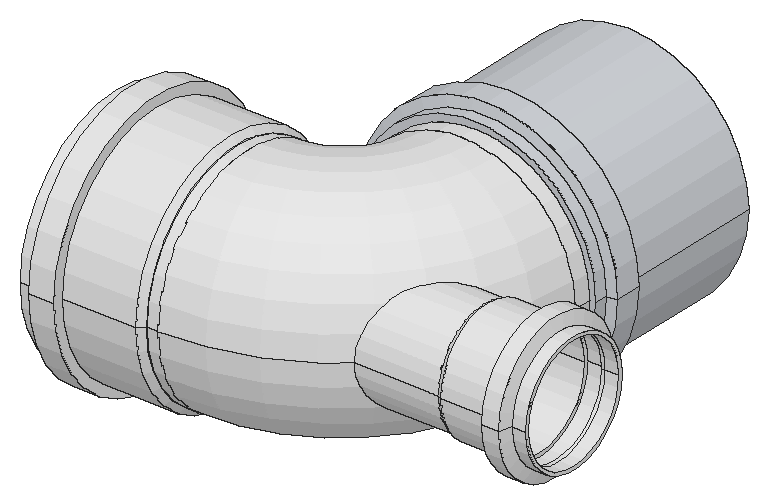
Revit family "Joelho_90_Visita", category Pipe Fittings, Revit 2025
Family settings
  Round Connector Dimension = Use Radius
  Part Type = Elbow
  Work Plane-Based = No
  Always vertical = Yes
  Cut with Voids When Loaded = No
  Shared = No
Parameters (values of type "Standard")
  Ângulo 2 [instance] = if(Inverter Sentido da Luva, 0.00°, Ângulo 1)  # 90.00°
  Ângulo 1 [instance] = 90.00°
  built-in parameter 1114242 [instance] = (empty or 0)
  URL = "http://www.tigre.com.br"
  Type Comments = ""
  Tigre: Sistema = "Esgoto"  # constant formula
  Tigre: Norma = ""
  Tigre: Material = "PVC Branco"  # constant formula
  Tigre: Marcador [instance] = "00"
  Tigre: Link do Produto = "http://www.tigre.com.br/pt/produtos_unico.php?rcr_id=4&cpr_id=10&cpr_id_pai=4&lnh_id=9&prd_id=707"
  Tigre: Linha = "Série Normal"  # constant formula
  Tigre: Fabricante = "© Tigre S/A"  # constant formula
  Tigre: Descrição [instance] = if(and(Diâmetro Nominal 1 = 100.00 mm, Diâmetro Nominal 2 = 50.00 mm, Ângulo 1 > 85.00°, Ângulo 1 < 95.00°), "Joelho 90º com Visita 100x50mm, Esgoto Série Normal - TIGRE", "Produto Inexistente")  # "Joelho 90º com Visita 100x50mm, Esgoto Série Normal - TIGRE"
  Tigre: Código com Separador [instance] = if(and(Diâmetro Nominal 1 = 100.00 mm, Diâmetro Nominal 2 = 50.00 mm, Ângulo 1 > 85.00°, Ângulo 1 < 95.00°), "26.25.746.8", "Produto ou Código Inexistente")  # "26.25.746.8"
  Tigre: Código [instance] = if(and(Diâmetro Nominal 1 = 100.00 mm, Diâmetro Nominal 2 = 50.00 mm, Ângulo 1 > 85.00°, Ângulo 1 < 95.00°), 26257468, 0)  # 26257468
  Tigre: Comentários [instance] = ""
  Representação Unifilar 2 [instance] = Diâmetro Nominal 2 * 0.2  # 10 mm
  Representação Unifilar 1 [instance] = Diâmetro Nominal 1 * 0.2  # 20 mm
  Raio da Bolsa [instance] = size_lookup(Lookup Table Name, "RaioB", 0.5515 * Diâmetro Nominal 1 + 2.63 mm, Diâmetro Nominal 1)  # 57.3 mm
  Raio Nominal 2 [instance] = 25.00 mm  # 25 mm
  Raio Nominal 1 [instance] = 50 mm
  Raio Externo 3 [instance] = Diâmetro Externo 3 / 2  # 50 mm
  Raio Externo 2 [instance] = Diâmetro Externo 2 / 2  # 52.85 mm
  Raio Externo 1 [instance] = Diâmetro Externo 1 / 2  # 50 mm
  Raio Central [instance] = size_lookup(Lookup Table Name, "RCen", 0.51 * Diâmetro Nominal 1 + 3.15 mm, Diâmetro Nominal 1)  # 52 mm
  Model = ""
  Manufacturer = Tigre: Fabricante  # "© Tigre S/A"
  Luva Esquerda [instance] = and(and(not(Ligação em Conexão), Bolsa Esquerda), not(Diâmetro Nominal 1 = 40.00 mm))  # yes
  Luva Direita [instance] = and(and(not(Ligação em Conexão), Bolsa Direita), not(Diâmetro Nominal 1 = 40.00 mm))  # no
  Loss Method = Not Defined
  Lookup Table Name = "Joelho 90 com Visita - Serie Normal - Esgoto - MEP - Tigre"
  Ligação em Conexão [instance] = no
  K Coefficient Table = "Long Radius Elbow"
  Inverter Sentido da Luva [instance] = no
  Diâmetro Nominal 2 [instance] = Raio Nominal 2 * 2  # 50 mm
  Description = "Joelho 90º com Visita, Esgoto Série Normal - TIGRE"
  Default Elevation = 0.00 mm
  Ajuste Conector Direita [instance] = if(and(Bolsa Esquerda, Ligação em Conexão), Cota B, Cota B2 + Cota B3)  # 7.5 mm
  Ajuste Conector Esquerda [instance] = if(and(Bolsa Direita, Ligação em Conexão), Cota B, Cota B2 + Cota B3)  # 7.5 mm
  Bolsa Esquerda [instance] = or(not(Bolsa Direita), Diâmetro Nominal 1 = 40.00 mm)  # yes
  Bolsa Direita [instance] = or(Inverter Sentido da Luva, Diâmetro Nominal 1 = 40.00 mm)  # no
  Anel Direito [instance] = or(and(Bolsa Direita, Diâmetro Nominal 1 > 40.00 mm))  # no
  Acabamento [instance] = none
  Diâmetro Nominal 1 [instance] = Raio Nominal 1 * 2  # 100 mm
  Diâmetro Externo 3 [instance] = size_lookup(Lookup Table Name, "DE3", 0.9915 * Diâmetro Nominal 1 + 1.30 mm, Diâmetro Nominal 1)  # 100 mm
  Diâmetro Externo 2 [instance] = size_lookup(Lookup Table Name, "DE2", 1.03 * Diâmetro Nominal 1 + 2.16 mm, Diâmetro Nominal 1)  # 105.7 mm
  Diâmetro Externo 1 [instance] = size_lookup(Lookup Table Name, "DE1", Diâmetro Nominal 1, Diâmetro Nominal 1)  # 100 mm
  Cota C3 [instance] = size_lookup(Lookup Table Name, "CotC3", 0.0086 * Diâmetro Nominal 1 + 0.74 mm, Diâmetro Nominal 1)  # 1.5 mm
  Cota C2 [instance] = size_lookup(Lookup Table Name, "CotC2", 0.0897 * Diâmetro Nominal 1 + 2.72 mm, Diâmetro Nominal 1)  # 11 mm
  Cota C1 [instance] = size_lookup(Lookup Table Name, "CotC1", 0.119 * Diâmetro Nominal 1 + 6.64 mm, Diâmetro Nominal 1)  # 18 mm
  Cota B3 [instance] = size_lookup(Lookup Table Name, "CotB3", 0.0118 * Diâmetro Nominal 1 + 2.08 mm, Diâmetro Nominal 1)  # 2.5 mm
  Cota B2 [instance] = if(and(Ângulo 1 > 85.00°, Ângulo 1 < 95.00°, Diâmetro Nominal 1 = 1.00 mm), size_lookup(Lookup Table Name, "CotB2", 0.126 * Diâmetro Nominal 1 + 34.61 mm, Diâmetro Nominal 1), 0.05 * Diâmetro Nominal 1)  # 5 mm
  Cota B1 [instance] = size_lookup(Lookup Table Name, "CotB1", 0.2371 * Diâmetro Nominal 1 + 27.62 mm, Diâmetro Nominal 1)  # 50.7 mm
  Cota B [instance] = Cota B1 + Cota B2 + Cota B3  # 58.2 mm
  Centro a Face Externa [instance] = Raio Central * tan(Ângulo 1 / 2)  # 52 mm
  Anel Esquerdo [instance] = or(and(Bolsa Esquerda, Diâmetro Nominal 1 > 40.00 mm))  # yes
Reference planes
  plane 1 "Center (Front/Back)": y = 0
  plane 2: z = 0
  plane 3 "Center (Left/Right)": x = 0
  plane 4: y = 52
  plane 5: x = -52
Forms (mm)
  Sweep 1, solid, material "PVC", visible <- "Bolsa Esquerda", detail levels fine
    path in 3D
      loop
        line (-52, 0, 0) -> (-57, 0, 0)
    profile origin (-54.5, 0, 0) x (0, -1, 0) y (0, 0, 1)
      loop
        circle (0, 0) r 50
  SweptBlend 2, solid, material "PVC", visible <- "Bolsa Esquerda", detail levels fine
    path in 3D
      loop
        line (-57, 0, 0) -> (-59.5, 0, 0)
    profile origin (-57, 0, 0) x (0, -1, 0) y (0, 0, 1)
      loop
        circle (0, 0) r 50
    end profile origin (-59.5, 0, 0) x (0, -1, 0) y (0, 0, 1)
      loop
        circle (0, 0) r 52.85
  Sweep 3, solid, material "PVC", visible <- "Bolsa Direita", detail levels fine
    path in 3D
      loop
        line (0, 52, 0) -> (0, 57, 0)
    profile origin (0, 54.5, 0) x (-1, 0, 0) y (0, 0, 1)
      loop
        circle (0, 0) r 50
  SweptBlend 4, solid, material "PVC", visible <- "Bolsa Direita", detail levels fine
    path in 3D
      loop
        line (0, 57, 0) -> (0, 59.5, 0)
    profile origin (0, 57, 0) x (-1, 0, 0) y (0, 0, 1)
      loop
        circle (0, 0) r 50
    end profile origin (0, 59.5, 0) x (-1, 0, 0) y (0, 0, 1)
      loop
        circle (0, 0) r 52.85
  Sweep 5, solid, material "PVC", visible <- "Anel Direito", detail levels fine
    path in 3D
      loop
        line (0, 92, 0) -> (0, 103, 0)
    profile origin (0, 97.5, 0) x (-1, 0, 0) y (0, 0, 1)
      loop
        circle (0, 0) r 57.3
      loop
        circle (0, 0) r 52.85
  SweptBlend 6, solid, material "PVC", visible <- "Anel Direito", detail levels fine
    path in 3D
      loop
        line (0, 103, 0) -> (0, 104.5, 0)
    profile origin (0, 103, 0) x (-1, 0, 0) y (0, 0, 1)
      loop
        circle (0, 0) r 57.3
    end profile origin (0, 104.5, 0) x (-1, 0, 0) y (0, 0, 1)
      loop
        circle (0, 0) r 52.85
  Sweep 7, solid, material "PVC", visible <- "Bolsa Direita", detail levels fine
    path origin (0, 0, 0) x (1, 0, 0) y (0, 1, 0)
      loop
        line (0, 59.5) -> (0, 110.2)
    profile origin (0, 84.85, 0) x (-1, 0, 0) y (0, 0, 1)
      loop
        circle (0, 0) r 52.85
      loop
        circle (0, 0) r 50
  Sweep 8, solid, material "PVC", visible <- "Anel Esquerdo", detail levels fine
    path in 3D
      loop
        line (-92, 0, 0) -> (-103, 0, 0)
    profile origin (-97.5, 0, 0) x (0, -1, 0) y (0, 0, 1)
      loop
        circle (0, 0) r 57.3
      loop
        circle (0, 0) r 52.85
  SweptBlend 9, solid, material "PVC", visible <- "Anel Esquerdo", detail levels fine
    path in 3D
      loop
        line (-103, 0, 0) -> (-104.5, 0, 0)
    profile origin (-103, 0, 0) x (0, -1, 0) y (0, 0, 1)
      loop
        circle (0, 0) r 57.3
    end profile origin (-104.5, 0, 0) x (0, -1, 0) y (0, 0, 1)
      loop
        circle (0, 0) r 52.85
  Sweep 10, solid, material "PVC", visible <- "Bolsa Esquerda", detail levels fine
    path origin (0, 0, 0) x (1, 0, 0) y (0, 1, 0)
      loop
        line (-59.5, 0) -> (-110.2, 0)
    profile origin (-84.85, 0, 0) x (0, -1, 0) y (0, 0, 1)
      loop
        circle (0, 0) r 52.85
      loop
        circle (0, 0) r 50
  Sweep 11, void
    path in 3D
      loop
        line (-103, 0, 0) -> (-104.5, 0, 0)
    profile origin (-103.75, 0, 0) x (0, -1, 0) y (0, 0, 1)
      loop
        circle (0, 0) r 52.85
  Sweep 12, void
    path in 3D
      loop
        line (0, 103, 0) -> (0, 104.5, 0)
    profile origin (0, 103.75, 0) x (-1, 0, 0) y (0, 0, 1)
      loop
        circle (0, 0) r 52.85
  Sweep 13, solid, material "PVC", visible <- "Bolsa Direita", detail levels fine
    path origin (0, 0, 0) x (1, 0, 0) y (0, 1, 0)
      loop
        line (-59.5, 0) -> (-52, 0)
    profile origin (-55.75, 0, 0) x (0, 1, 0) y (0, 0, 1)
      loop
        circle (0, 0) r 50
  Sweep 14, solid, material "PVC", visible <- "Bolsa Direita", detail levels fine
    path in 3D
      loop
        arc (-52, 0, 0) -> (-15.23, 15.23, 0) -> (0, 52, 0) r 52
    profile origin (-15.23, 15.23, 0) x (-0.707107, 0.707107, 0) y (0, 0, 1)
      loop
        circle (0, 0) r 50
  Sweep 15, solid, material "PVC", visible <- "Bolsa Esquerda", detail levels fine
    path origin (0, 0, 0) x (1, 0, 0) y (0, 1, 0)
      loop
        line (0, 52) -> (0, 59.5)
    profile origin (0, 55.75, 0) x (-1, 0, 0) y (0, 0, 1)
      loop
        circle (0, 0) r 50
  Sweep 16, solid, material "PVC", visible <- "Bolsa Esquerda", detail levels fine
    path in 3D
      loop
        arc (-52, 0, 0) -> (-15.23, 15.23, 0) -> (0, 52, 0) r 52
    profile origin (-15.23, 15.23, 0) x (-0.707107, 0.707107, 0) y (0, 0, 1)
      loop
        circle (0, 0) r 50
  Sweep 17, solid, material "PVC", detail levels fine
    path in 3D
      loop
        line (0, 0, 0) -> (51.003, 0, 0)
    profile origin (25.501, 0, 0) x (0, 1, 0) y (0, 0, 1)
      loop
        circle (0, 0) r 25
  SweptBlend 18, solid, material "PVC", detail levels fine
    path in 3D
      loop
        line (51.003, 0, 0) -> (53.308, 0, 0)
    profile origin (51.003, 0, 0) x (0, 1, 0) y (0, 0, 1)
      loop
        circle (0, 0) r 25
    end profile origin (53.308, 0, 0) x (0, 1, 0) y (0, 0, 1)
      loop
        circle (0, 0) r 26.3
  Sweep 19, solid, material "PVC", detail levels fine
    path in 3D
      loop
        line (53.308, 0, 0) -> (75.7, 0, 0)
    profile origin (64.504, 0, 0) x (0, 1, 0) y (0, 0, 1)
      loop
        circle (0, 0) r 26.3
      loop
        circle (0, 0) r 25
  Sweep 20, solid, material "PVC", detail levels fine
    path in 3D
      loop
        line (84.569, 0, 0) -> (90.7, 0, 0)
    profile origin (87.635, 0, 0) x (0, 1, 0) y (0, 0, 1)
      loop
        circle (0, 0) r 26.3
      loop
        circle (0, 0) r 25
  Sweep 21, solid, material "PVC", detail levels fine
    path in 3D
      loop
        line (75.7, 0, 0) -> (83.084, 0, 0)
    profile origin (79.392, 0, 0) x (0, 1, 0) y (0, 0, 1)
      loop
        circle (0, 0) r 26.3
      loop
        circle (0, 0) r 31.78
  SweptBlend 22, solid, material "PVC", detail levels fine
    path in 3D
      loop
        line (83.084, 0, 0) -> (84.569, 0, 0)
    profile origin (83.084, 0, 0) x (0, 1, 0) y (0, 0, 1)
      loop
        circle (0, 0) r 31.78
    end profile origin (84.569, 0, 0) x (0, 1, 0) y (0, 0, 1)
      loop
        circle (0, 0) r 26.3
  Sweep 23, void
    path in 3D
      loop
        line (83.084, 0, 0) -> (84.569, 0, 0)
    profile origin (83.827, 0, 0) x (0, 1, 0) y (0, 0, 1)
      loop
        circle (0, 0) r 25
Cuts and joins
  Sweep 11, Sweep 12 cuts Sweep 5
  Sweep 11, Sweep 12 cuts SweptBlend 6
  joined: Sweep 5, SweptBlend 6
  Sweep 11 cuts SweptBlend 2
  joined: SweptBlend 2, Sweep 10
  Sweep 12 cuts SweptBlend 4
  joined: SweptBlend 4, Sweep 7
  joined: Sweep 3, Sweep 13, Sweep 14
  Sweep 11, Sweep 12 cuts Sweep 8
  Sweep 11, Sweep 12 cuts SweptBlend 9
  joined: Sweep 8, SweptBlend 9
  joined: Sweep 1, Sweep 15, Sweep 16
  Sweep 23 cuts Sweep 17
  Sweep 23 cuts SweptBlend 18
  Sweep 23 cuts Sweep 19
  Sweep 23 cuts Sweep 20
  Sweep 23 cuts Sweep 21
  Sweep 23 cuts SweptBlend 22
  joined: Sweep 17, SweptBlend 18, Sweep 19, Sweep 20, Sweep 21, SweptBlend 22
Lines and regions (mm)
  reference lines
    curve 1: line (-52, 52, 0) -> (248, 52, 0)
  model lines, not visible, detail levels coarse+medium
    curve 2: arc (-52, 0, 0) -> (-15.23, 15.23, 0) -> (0, 52, 0) r 52
  model lines, detail levels coarse+medium
    curve 3: line (-52, 0, 0) -> (-57, 0, 0)
    curve 4: line (-57, 0, 0) -> (-59.5, 0, 0)
    curve 5: line (-59.5, 0, 0) -> (-92, 0, 0)
    curve 6: line (-92, 0, 0) -> (-103, 0, 0)
    curve 7: line (-103, 0, 0) -> (-104.5, 0, 0)
    curve 8: line (-104.5, 0, 0) -> (-110.2, 0, 0)
    curve 11: line (-59.5, 0, 0) -> (-59.5, 20, 0)
    curve 12: line (-59.5, 0, 0) -> (-59.5, -20, 0)
    curve 13: line (0, 52, 0) -> (0, 57, 0)
    curve 15: line (0, 57, 0) -> (0, 59.5, 0)
    curve 17: line (0, 59.5, 0) -> (0, 92, 0)
    curve 18: line (0, 92, 0) -> (0, 103, 0)
    curve 20: line (0, 103, 0) -> (0, 104.5, 0)
    curve 22: line (0, 104.5, 0) -> (0, 110.2, 0)
    curve 23: line (0, 59.5, 0) -> (-20, 59.5, 0)
    curve 24: line (0, 59.5, 0) -> (20, 59.5, 0)
    curve 32: line (0, 0, 0) -> (51.003, 0, 0)
    curve 33: line (51.003, 0, 0) -> (53.308, 0, 0)
    curve 34: line (53.308, 0, 0) -> (75.7, 0, 0)
    curve 35: line (75.7, 0, 0) -> (83.084, 0, 0)
    curve 36: line (83.084, 0, 0) -> (84.569, 0, 0)
    curve 37: line (84.569, 0, 0) -> (90.7, 0, 0)
    curve 45: line (53.308, 0, 0) -> (53.308, -10, 0)
    curve 46: line (53.308, 0, 0) -> (53.308, 10, 0)
    curve 47: line (0, 0, 0) -> (0, 52, 0)
    curve 48: line (0, 0, 0) -> (-52, 0, 0)
  sketch lines
    curve 9: line (-52, 0, 0) -> (-57, 0, 0)
    curve 10: line (-57, 0, 0) -> (-59.5, 0, 0)
    curve 14: line (0, 52, 0) -> (0, 57, 0)
    curve 16: line (0, 57, 0) -> (0, 59.5, 0)
    curve 19: line (0, 92, 0) -> (0, 103, 0)
    curve 21: line (0, 103, 0) -> (0, 104.5, 0)
    curve 25: line (-92, 0, 0) -> (-103, 0, 0)
    curve 26: line (-103, 0, 0) -> (-104.5, 0, 0)
    curve 27: line (-103, 0, 0) -> (-104.5, 0, 0)
    curve 28: line (0, 103, 0) -> (0, 104.5, 0)
    curve 29: arc (-52, 0, 0) -> (-15.23, 15.23, 0) -> (0, 52, 0) r 52
    curve 30: arc (-52, 0, 0) -> (-15.23, 15.23, 0) -> (0, 52, 0) r 52
    curve 38: line (0, 0, 0) -> (51.003, 0, 0)
    curve 39: line (51.003, 0, 0) -> (53.308, 0, 0)
    curve 40: line (53.308, 0, 0) -> (75.7, 0, 0)
    curve 41: line (84.569, 0, 0) -> (90.7, 0, 0)
    curve 42: line (75.7, 0, 0) -> (83.084, 0, 0)
    curve 43: line (83.084, 0, 0) -> (84.569, 0, 0)
    curve 44: line (83.084, 0, 0) -> (84.569, 0, 0)
  reference lines, not visible
    curve 31: line (0, 0, 0) -> (0, 310, 0)
Dimensions and locks
  "Centro a Face Externa": plane 5 to plane 3 "Center (Left/Right)"
  "Raio Central": plane 4 to plane 1 "Center (Front/Back)"
  "Cota B2": curve 4 to plane 5
  "Cota B3": curve 5 to curve 4
  curve 6 to curve 5 = 32.50 mm
  "Cota C2": curve 7 to curve 6
  "Cota C3": curve 8 to curve 6
  curve 8 to curve 7 = 5.70 mm
  "Cota B": curve 8 to plane 5
  "Cota B2": curve 1 to curve 13
  "Cota B3": curve 15 to curve 15
  curve 17 to curve 17 = 32.50 mm
  "Cota C2": curve 18 to curve 18
  "Cota C3": curve 20 to curve 20
  curve 22 to curve 22 = 5.70 mm
  "Cota B": curve 1 to curve 22
  equal spacing: curve 24, curve 13, curve 23
  "Representação Unifilar 1": curve 24 to curve 13
  "Cota B1": Sweep 7 sketch curve to Sweep 7 sketch curve
  "Cota B1": Sweep 10 sketch curve to Sweep 10 sketch curve
  "Ajuste Conector Esquerda": Sweep 13 sketch curve to plane 5
  "Ajuste Conector Direita": curve 1 to Sweep 15 sketch curve
  "Ajuste Conector Direita": nested 1 to curve 1
  equal spacing: curve 12, plane 1 "Center (Front/Back)", curve 11
  "Representação Unifilar 1": plane 1 "Center (Front/Back)" to curve 11
  curve 33 to curve 32 = 51.003 mm
  curve 34 to curve 33 = 2.305 mm
  curve 35 to curve 34 = 22.392 mm
  curve 36 to curve 35 = 7.384 mm
  curve 37 to curve 36 = 1.485 mm
  curve 37 to curve 37 = 6.131 mm
  equal spacing: curve 45, curve 32, curve 46
  "Representação Unifilar 2": curve 32 to curve 46
  "Raio Externo 1": radius of Sweep 1 sketch curve
  "Raio Externo 1": radius of SweptBlend 2 sketch curve
  "Raio Externo 2": radius of SweptBlend 2 sketch curve
  "Raio Central": radius of curve 2
  "Raio Externo 1": radius of Sweep 3 sketch curve
  "Raio Externo 1": radius of SweptBlend 4 sketch curve
  "Raio Externo 2": radius of SweptBlend 4 sketch curve
  "Raio da Bolsa": radius of Sweep 5 sketch curve
  "Raio da Bolsa": radius of SweptBlend 6 sketch curve
  "Raio Externo 2": radius of SweptBlend 6 sketch curve
  "Raio Externo 2": radius of Sweep 7 sketch curve
  "Raio da Bolsa": radius of Sweep 8 sketch curve
  "Raio da Bolsa": radius of SweptBlend 9 sketch curve
  "Raio Externo 2": radius of SweptBlend 9 sketch curve
  "Raio Externo 2": radius of Sweep 10 sketch curve
  "Raio Externo 2": radius of Sweep 8 sketch curve
  "Raio Nominal 1": radius of Sweep 10 sketch curve
  "Raio Externo 2": radius of Sweep 11 sketch curve
  "Raio Nominal 1": radius of Sweep 7 sketch curve
  "Raio Externo 2": radius of Sweep 5 sketch curve
  "Raio Externo 2": radius of Sweep 12 sketch curve
  "Raio Externo 1": radius of Sweep 13 sketch curve
  "Raio Externo 1": radius of Sweep 14 sketch curve
  "Raio Externo 1": radius of Sweep 15 sketch curve
  "Raio Externo 1": radius of Sweep 16 sketch curve
  "Raio Nominal 2": radius of Sweep 19 sketch curve
  "Raio Nominal 2": radius of Sweep 20 sketch curve
  "Raio Nominal 2": radius of Sweep 23 sketch curve
  radius of Sweep 21 sketch curve = 31.78 mm
  radius of Sweep 17 sketch curve = 25.00 mm
  radius of Sweep 19 sketch curve = 26.30 mm  (x2)
  "Ângulo 1": angle plane 5 to curve 1
  locked: curve 1 to curve 13 (angle 90.00°)
  locked: curve 1 to curve 15 (angle 90.00°)
  locked: curve 1 to curve 17 (angle 90.00°)
  locked: curve 1 to curve 18 (angle 90.00°)
  locked: curve 1 to curve 20 (angle 90.00°)
  locked: curve 1 to curve 22 (angle 90.00°)
  locked: curve 23 to curve 13 (angle 90.00°)
  locked: curve 24 to curve 13 (angle 90.00°)
  locked: curve 1 to Sweep 7 sketch curve (angle 90.00°)
  locked: curve 1 to Sweep 15 sketch curve (angle 90.00°)
  "Ângulo 1": angle plane 1 "Center (Front/Back)" to curve 31
  "Ângulo 1": angle plane 1 "Center (Front/Back)" to nested 1
  "Ângulo 2": angle plane 3 "Center (Left/Right)" to curve 32
  "Ângulo 2": angle plane 3 "Center (Left/Right)" to curve 33
  "Ângulo 2": angle plane 3 "Center (Left/Right)" to curve 34
  "Ângulo 2": angle plane 3 "Center (Left/Right)" to curve 35
  "Ângulo 2": angle plane 3 "Center (Left/Right)" to curve 36
  "Ângulo 2": angle plane 3 "Center (Left/Right)" to curve 37
  locked: curve 45 to curve 32 (angle 90.00°)
  locked: curve 46 to curve 32 (angle 90.00°)
  aligned and locked: plane 4 to curve 1
  aligned and locked: plane 5 to curve 1
  aligned and locked: curve 1 to curve 2
  aligned and locked: plane 1 "Center (Front/Back)" to curve 2
  aligned and locked: curve 12 to curve 11
  aligned and locked: Sweep 7 sketch curve to curve 23
  aligned and locked: curve 13 to Sweep 7 sketch curve
  aligned and locked: Sweep 10 sketch curve to curve 11
  aligned and locked: plane 5 to Sweep 13 sketch curve
  aligned and locked: plane 1 "Center (Front/Back)" to Sweep 13 sketch curve
  aligned and locked: curve 1 to Sweep 15 sketch curve
  aligned and locked: Sweep 15 sketch curve to curve 13
  aligned and locked: curve 31 to nested 1
  aligned and locked: nested 2 to cut or joined group of Sweep 3, Sweep 13, Sweep 14
  aligned and locked: SweptBlend 18 sketch curve to Sweep 17  (x2)
  aligned and locked: Sweep 19 sketch curve to SweptBlend 18  (x2)
  aligned and locked: Sweep 20 sketch curve to Sweep 19  (x2)
  aligned and locked: Sweep 21 sketch curve to Sweep 19  (x2)
  aligned and locked: SweptBlend 22 sketch curve to Sweep 21  (x2)
  aligned and locked: SweptBlend 22 sketch curve to Sweep 20  (x2)
  aligned and locked: plane 3 "Center (Left/Right)" to curve 47
  aligned and locked: curve 48 to plane 1 "Center (Front/Back)"
  aligned and locked: plane 5 to curve 2
Automatic sketch dimensions
  Sweep 1 sketch curve to profile plane = 0.00 mm  (x2)
  SweptBlend 2 sketch curve to profile plane = 0.00 mm  (x4)
  Sweep 3 sketch curve to profile plane = 0.00 mm
  profile plane to Sweep 3 sketch curve = 0.00 mm
  SweptBlend 4 sketch curve to profile plane = 0.00 mm  (x2)
  profile plane to SweptBlend 4 sketch curve = 0.00 mm  (x2)
  SweptBlend 6 sketch curve to profile plane = 0.00 mm  (x2)
  profile plane to SweptBlend 6 sketch curve = 0.00 mm  (x2)
  SweptBlend 9 sketch curve to profile plane = 0.00 mm  (x4)
  plane 1 "Center (Front/Back)" to Sweep 10 sketch curve = 0.00 mm
  Sweep 8 sketch curve to Sweep 8 sketch curve = 0.00 mm  (x2)
  Sweep 8 sketch curve to profile plane = 0.00 mm  (x2)
  Sweep 10 sketch curve to Sweep 10 sketch curve = 0.00 mm  (x2)
  Sweep 10 sketch curve to level = 0.00 mm
  Sweep 10 sketch curve to profile plane = 0.00 mm
  Sweep 11 sketch curve to profile plane = 0.00 mm  (x2)
  Sweep 7 sketch curve to Sweep 7 sketch curve = 0.00 mm  (x2)
  Sweep 7 sketch curve to level = 0.00 mm
  Sweep 7 sketch curve to profile plane = 0.00 mm
  Sweep 5 sketch curve to Sweep 5 sketch curve = 0.00 mm  (x2)
  Sweep 5 sketch curve to profile plane = 0.00 mm  (x2)
  Sweep 12 sketch curve to profile plane = 0.00 mm  (x2)
  Sweep 13 sketch curve to level = 0.00 mm
  Sweep 13 sketch curve to profile plane = 0.00 mm
  Sweep 14 sketch curve to profile plane = 0.00 mm
  profile plane to Sweep 14 sketch curve = 0.00 mm
  level to Sweep 15 sketch curve = 0.00 mm
  Sweep 15 sketch curve to profile plane = 0.00 mm
  Sweep 16 sketch curve to profile plane = 0.00 mm
  profile plane to Sweep 16 sketch curve = 0.00 mm
  plane 1 "Center (Front/Back)" to curve 31 = 0.00 mm
  curve 31 to plane 3 "Center (Left/Right)" = 0.00 mm
  Sweep 17 sketch curve to profile plane = 0.00 mm  (x2)
  SweptBlend 18 sketch curve to profile plane = 0.00 mm  (x2)
  Sweep 19 sketch curve to Sweep 19 sketch curve = 0.00 mm  (x2)
  Sweep 20 sketch curve to Sweep 20 sketch curve = 0.00 mm  (x2)
  Sweep 21 sketch curve to Sweep 21 sketch curve = 0.00 mm  (x2)
  Sweep 23 sketch curve to profile plane = 0.00 mm  (x2)
  radius of SweptBlend 18 sketch curve = 26.30 mm
Nested families
  nested 1: "Luva Simples para Conexão - Serie Normal - Esgoto - MEP - Tigre" at (0, 59.5, 0) x (0, 1, 0) z (0, 0, 1), Raio Nominal <- "Raio Nominal 1", Tigre: Marcador <- "Tigre: Marcador", Acabamento <- "Acabamento", visible <- "Luva Esquerda", type "Standard"
    with Tigre: Marcador "00", Tigre: Descrição "Luva Simples 100mm, Esgoto Série Normal - TIGRE", Tigre: Código com Separador "26.30.100.9", Tigre: Código 26301009, Tigre: Comentários "", Representação Unifilar 20 mm, Raio Nominal 50 mm, Raio Bolsa 3 53.05 mm, Raio Bolsa 2 57.45 mm, Raio Bolsa 1 53.05 mm, Furo 50 mm, Diâmetro Nominal 100 mm, Detalhe no, Cota L4 5.37 mm, Cota L3 1.2 mm, Cota L2 11.2 mm, Cota L1 65.75 mm, Acabamento none
  nested 2: "Luva Simples para Conexão - Serie Normal - Esgoto - MEP - Tigre" at (-59.5, 0, 0) x (-1, 0, 0) z (0, 0, 1), Raio Nominal <- "Raio Nominal 1", Tigre: Marcador <- "Tigre: Marcador", Acabamento <- "Acabamento", visible <- "Luva Direita", type "Standard"
    with Tigre: Marcador "00", Tigre: Descrição "Luva Simples 100mm, Esgoto Série Normal - TIGRE", Tigre: Código com Separador "26.30.100.9", Tigre: Código 26301009, Tigre: Comentários "", Representação Unifilar 20 mm, Raio Nominal 50 mm, Raio Bolsa 3 53.05 mm, Raio Bolsa 2 57.45 mm, Raio Bolsa 1 53.05 mm, Furo 50 mm, Diâmetro Nominal 100 mm, Detalhe no, Cota L4 5.37 mm, Cota L3 1.2 mm, Cota L2 11.2 mm, Cota L1 65.75 mm, Acabamento none
Connectors
  piping at (-59.5, 0, 0), diameter 100, driven by "Raio Nominal 1", driven by "Ângulo 1"
    settings: on cut or joined group of Sweep 3, Sweep 13, Sweep 14, index 1, connector inside diameter 100 mm, connector length 0.00 mm, flow factor 0, pipe flow 0.0 L/s, pressure drop 0.0 Pa, fitting loss kfactor 0, connector angle 90.00°, fixture units 0, engagement length 0.00 mm, angle of deflection 0.00°, flow configuration 0, flow direction 0, fitting loss method 0, system type 28, joint type 0, gender type 0, connector reference index 2, connector utility 0, adjustable connector no, is connector primary yes, connector description ""
  piping at (0, 59.5, 0), diameter 100, driven by "Raio Nominal 1", driven by "Ângulo 1"
    settings: on cut or joined group of Sweep 1, Sweep 15, Sweep 16, index 2, connector inside diameter 100 mm, connector length 0.00 mm, flow factor 0, pipe flow 0.0 L/s, pressure drop 0.0 Pa, fitting loss kfactor 0, connector angle 90.00°, fixture units 0, engagement length 0.00 mm, angle of deflection 0.00°, flow configuration 0, flow direction 0, fitting loss method 0, system type 28, joint type 0, gender type 0, connector reference index 1, connector utility 0, adjustable connector no, is connector primary no, connector description ""
  piping at (53.308, 0, 0), diameter 50, driven by "Ângulo 2"
    settings: on cut or joined group of Sweep 17, SweptBlend 18, Sweep 19, Sweep 20, Sweep 21, SweptBlend 22, Sweep 23, index 3, connector inside diameter 50 mm, connector length 0.00 mm, flow factor 0, pipe flow 0.0 L/s, pressure drop 0.0 Pa, fitting loss kfactor 0, connector angle 90.00°, fixture units 0, engagement length 0.00 mm, angle of deflection 0.00°, flow configuration 0, flow direction 0, fitting loss method 0, system type 28, joint type 0, gender type 0, connector reference index -1, connector utility 0, adjustable connector no, is connector primary no, connector description ""
Definition of nested family "Luva Simples para Conexão - Serie Normal - Esgoto - MEP - Tigre"
  Parameters
    URL = "http://www.tigre.com.br"
    Type Comments = ""
    Tigre: Sistema = "Esgoto"  # constant formula
    Tigre: Norma = ""
    Tigre: Material = "PVC Branco"  # constant formula
    Tigre: Marcador [instance] = "00"
    Tigre: Link do Produto = "http://www.tigre.com.br/pt/produtos_unico.php?rcr_id=4&cpr_id=10&cpr_id_pai=4&lnh_id=9&prd_id=713"
    Tigre: Linha = "Série Normal"  # constant formula
    Tigre: Fabricante = "© Tigre S/A"  # constant formula
    Tigre: Descrição [instance] = if(Diâmetro Nominal = 40.00 mm, "Luva Simples 40mm, Esgoto Série Normal - TIGRE", if(Diâmetro Nominal = 50.00 mm, "Luva Simples 50mm, Esgoto Série Normal - TIGRE", if(Diâmetro Nominal = 75.00 mm, "Luva Simples 75mm, Esgoto Série Normal - TIGRE", if(Diâmetro Nominal = 100.00 mm, "Luva Simples 100mm, Esgoto Série Normal - TIGRE", if(Diâmetro Nominal = 150.00 mm, "Luva Simples 150mm, Esgoto Série Normal - TIGRE", if(Diâmetro Nominal = 200.00 mm, "Luva Simples 200mm, Esgoto Série Normal - TIGRE", "Produto Inexistente"))))))  # "Luva Simples 50mm, Esgoto Série Normal - TIGRE"
    Tigre: Código com Separador [instance] = if(Diâmetro Nominal = 40.00 mm, "27.58.040.8", if(Diâmetro Nominal = 50.00 mm, "26.30.050.9", if(Diâmetro Nominal = 75.00 mm, "26.30.075.4", if(Diâmetro Nominal = 100.00 mm, "26.30.100.9", if(Diâmetro Nominal = 150.00 mm, "26.30.150.5", if(Diâmetro Nominal = 200.00 mm, "26.30.200.5", "Produto ou Código Inexistente"))))))  # "26.30.050.9"
    Tigre: Código [instance] = if(Diâmetro Nominal = 40.00 mm, 27580408, if(Diâmetro Nominal = 50.00 mm, 26300509, if(Diâmetro Nominal = 75.00 mm, 26300754, if(Diâmetro Nominal = 100.00 mm, 26301009, if(Diâmetro Nominal = 150.00 mm, 26301505, if(Diâmetro Nominal = 200.00 mm, 26302005, 0))))))  # 26300509
    Tigre: Comentários [instance] = ""
    Representação Unifilar [instance] = Diâmetro Nominal * 0.2  # 10 mm
    Raio Nominal [instance] = 25 mm
    Raio Bolsa 3 [instance] = size_lookup(Lookup Table Name, "RaioB3", 0.544 * Diâmetro Nominal, Diâmetro Nominal)  # 27.2 mm
    Raio Bolsa 2 [instance] = size_lookup(Lookup Table Name, "RaioB2", 0.636 * Diâmetro Nominal, Diâmetro Nominal)  # 31.8 mm
    Raio Bolsa 1 [instance] = size_lookup(Lookup Table Name, "RaioB1", 0.544 * Diâmetro Nominal, Diâmetro Nominal)  # 27.2 mm
    Model = ""
    Manufacturer = Tigre: Fabricante  # "© Tigre S/A"
    Loss Method = (empty or 0)
    Lookup Table Name = "Luva Simples - Serie Normal - Esgoto - MEP - Tigre"
    K Coefficient Table = "Reducer/Coupling/Union/Increaser"
    Furo [instance] = size_lookup(Lookup Table Name, "CotCor", 0.78 * Diâmetro Nominal, Diâmetro Nominal)  # 39 mm
    Detalhe [instance] = Diâmetro Nominal = 40.00 mm  # no
    Description = "Luva Simples, Esgoto Série Normal - TIGRE"
    Default Elevation = 0.00 mm
    Cota L4 [instance] = size_lookup(Lookup Table Name, "CotL4", 0.106 * Diâmetro Nominal, Diâmetro Nominal)  # 5.3 mm
    Cota L3 [instance] = size_lookup(Lookup Table Name, "CotL3", 0.024 * Diâmetro Nominal, Diâmetro Nominal)  # 1.2 mm
    Cota L2 [instance] = size_lookup(Lookup Table Name, "CotL2", 0.202 * Diâmetro Nominal, Diâmetro Nominal)  # 10.1 mm
    Cota L1 [instance] = size_lookup(Lookup Table Name, "CotL1", 0.908 * Diâmetro Nominal, Diâmetro Nominal)  # 45.4 mm
    Acabamento [instance] = none
    Diâmetro Nominal [instance] = Raio Nominal * 2  # 50 mm
  Reference planes
    plane 1 "Center (Front/Back)": y = 0
    plane 2: z = 0
    plane 3 "Center (Left/Right)": x = 0
    plane 4: x = 62
    plane 5: x = 6.5
    plane 6: x = 16.6
    plane 7: x = 5.3
    plane 8: x = 31
  Forms (mm)
    Sweep 1, solid, material <- "Acabamento", detail levels fine
      path origin (0, 0, 0) x (1, 0, 0) y (0, 1, 0)
        loop
          line (0, 0) -> (5.3, 0)
      profile origin (2.65, 0, 0) x (0, 1, 0) y (0, 0, 1)
        loop
          circle (0, 0) r 27.2
    Sweep 2, solid, material <- "Acabamento", detail levels fine
      path origin (0, 0, 0) x (1, 0, 0) y (0, 1, 0)
        loop
          line (16.6, 0) -> (62, 0)
      profile origin (39.3, 0, 0) x (0, 1, 0) y (0, 0, 1)
        loop
          circle (0, 0) r 27.2
    Sweep 3, solid, material <- "Acabamento", detail levels fine
      path origin (0, 0, 0) x (1, 0, 0) y (0, 1, 0)
        loop
          line (6.5, 0) -> (16.6, 0)
      profile origin (11.55, 0, 0) x (0, 1, 0) y (0, 0, 1)
        loop
          circle (0, 0) r 31.8
    SweptBlend 4, solid, material <- "Acabamento", detail levels fine
      path origin (0, 0, 0) x (1, 0, 0) y (0, 1, 0)
        loop
          line (5.3, 0) -> (6.5, 0)
      profile origin (5.3, 0, 0) x (0, 1, 0) y (0, 0, 1)
        loop
          circle (0, 0) r 27.2
      end profile origin (6.5, 0, 0) x (0, 1, 0) y (0, 0, 1)
        loop
          circle (0, 0) r 31.8
    Sweep 5, void
      path origin (0, 0, 0) x (1, 0, 0) y (0, 1, 0)
        loop
          line (0, 0) -> (62, 0)
      profile origin (31, 0, 0) x (0, 1, 0) y (0, 0, 1)
        loop
          circle (0, 0) r 25
    Sweep 6, solid, material <- "Acabamento", visible <- "Detalhe", detail levels fine
      path in 3D
        loop
          line (62, 0, 0) -> (56.7, 0, 0)
      profile origin (59.35, 0, 0) x (0, -1, 0) y (0, 0, 1)
        loop
          circle (0, 0) r 27.2
    SweptBlend 7, solid, material <- "Acabamento", visible <- "Detalhe", detail levels fine
      path in 3D
        loop
          line (56.7, 0, 0) -> (55.5, 0, 0)
      profile origin (56.7, 0, 0) x (0, -1, 0) y (0, 0, 1)
        loop
          circle (0, 0) r 27.2
      end profile origin (55.5, 0, 0) x (0, -1, 0) y (0, 0, 1)
        loop
          circle (0, 0) r 31.8
    Sweep 8, void
      path origin (0, 0, 0) x (1, 0, 0) y (0, 1, 0)
        loop
          line (0, 0) -> (39, 0)
      profile origin (19.5, 0, 0) x (0, 1, 0) y (0, 0, 1)
        loop
          circle (0, 0) r 25
  Cuts and joins
    Sweep 5, Sweep 8 cuts Sweep 1
    Sweep 5, Sweep 8 cuts Sweep 2
    Sweep 5, Sweep 8 cuts Sweep 3
    Sweep 5, Sweep 8 cuts SweptBlend 4
    joined: Sweep 1, Sweep 2, Sweep 3, SweptBlend 4
    Sweep 5 cuts Sweep 6
    Sweep 5 cuts SweptBlend 7
  Lines and regions (mm)
    model lines, not visible, detail levels coarse+medium
      curve 1: line (39, 0, 0) -> (62, 0, 0)
      curve 2: line (39, 10, 0) -> (39, -10, 0)
      curve 3: line (62, 10, 0) -> (62, -10, 0)
      curve 4: line (62, 0, 0) -> (56.7, 0, 0)
      curve 5: line (56.7, 0, 0) -> (55.5, 0, 0)
    sketch lines
      curve 6: line (62, 0, 0) -> (56.7, 0, 0)
      curve 7: line (56.7, 0, 0) -> (55.5, 0, 0)
  Dimensions and locks
    "Cota L1": plane 6 to plane 4
    "Cota L2": plane 5 to plane 6
    "Cota L3": plane 7 to plane 5
    "Cota L4": plane 3 "Center (Left/Right)" to plane 7
    equal spacing: curve 2, plane 1 "Center (Front/Back)", curve 2
    "Representação Unifilar": plane 1 "Center (Front/Back)" to curve 2
    "Cota L4": curve 4 to curve 4
    "Cota L3": curve 5 to curve 5
    "Furo": plane 3 "Center (Left/Right)" to Sweep 8 sketch curve
    equal spacing: plane 3 "Center (Left/Right)", plane 8, plane 4
    "Raio Bolsa 3": radius of Sweep 1 sketch curve
    "Raio Bolsa 2": radius of Sweep 3 sketch curve
    "Raio Nominal": radius of Sweep 5 sketch curve
    "Raio Bolsa 3": radius of SweptBlend 4 sketch curve
    "Raio Bolsa 2": radius of SweptBlend 4 sketch curve
    "Raio Bolsa 1": radius of Sweep 2 sketch curve
    "Raio Bolsa 3": radius of Sweep 6 sketch curve
    "Raio Bolsa 3": radius of SweptBlend 7 sketch curve
    "Raio Bolsa 2": radius of SweptBlend 7 sketch curve
    "Raio Nominal": radius of Sweep 8 sketch curve
    aligned and locked: plane 4 to curve 1
    aligned and locked: plane 1 "Center (Front/Back)" to curve 1
    aligned and locked: plane 3 "Center (Left/Right)" to Sweep 1 sketch curve
    aligned and locked: plane 7 to Sweep 1 sketch curve
    aligned and locked: plane 1 "Center (Front/Back)" to Sweep 1 sketch curve
    aligned and locked: plane 4 to Sweep 2 sketch curve
    aligned and locked: plane 6 to Sweep 2 sketch curve
    aligned and locked: plane 1 "Center (Front/Back)" to Sweep 2 sketch curve
    aligned and locked: plane 5 to Sweep 3 sketch curve
    aligned and locked: plane 6 to Sweep 3 sketch curve
    aligned and locked: plane 1 "Center (Front/Back)" to Sweep 3 sketch curve
    aligned and locked: plane 7 to SweptBlend 4 sketch curve
    aligned and locked: plane 5 to SweptBlend 4 sketch curve
    aligned and locked: plane 1 "Center (Front/Back)" to SweptBlend 4 sketch curve
    aligned and locked: plane 3 "Center (Left/Right)" to Sweep 5 sketch curve
    aligned and locked: plane 4 to Sweep 5 sketch curve
    aligned and locked: plane 1 "Center (Front/Back)" to Sweep 5 sketch curve
    aligned and locked: curve 2 to curve 3  (x2)
    aligned and locked: curve 3 to plane 4
    aligned and locked: plane 3 "Center (Left/Right)" to Sweep 8 sketch curve
    aligned and locked: plane 1 "Center (Front/Back)" to Sweep 8 sketch curve
    aligned and locked: curve 2 to Sweep 8
    aligned and locked: Sweep 8 to curve 1
  Automatic sketch dimensions
    Sweep 1 sketch curve to level = 0.00 mm
    Sweep 1 sketch curve to profile plane = 0.00 mm
    Sweep 3 sketch curve to level = 0.00 mm
    Sweep 3 sketch curve to profile plane = 0.00 mm
    Sweep 5 sketch curve to level = 0.00 mm
    Sweep 5 sketch curve to profile plane = 0.00 mm
    plane 1 "Center (Front/Back)" to curve 5 = 0.00 mm
    SweptBlend 4 sketch curve to level = 0.00 mm  (x2)
    SweptBlend 4 sketch curve to profile plane = 0.00 mm  (x2)
    Sweep 2 sketch curve to level = 0.00 mm
    Sweep 2 sketch curve to profile plane = 0.00 mm
    Sweep 6 sketch curve to profile plane = 0.00 mm  (x2)
    SweptBlend 7 sketch curve to profile plane = 0.00 mm  (x4)
    Sweep 8 sketch curve to level = 0.00 mm
    Sweep 8 sketch curve to profile plane = 0.00 mm
  Connectors
    piping at (39, 0, 0), diameter 50, driven by "Raio Nominal"
      settings: on Sweep 8, index 1, connector inside diameter 50 mm, connector length 0.00 mm, flow factor 0, pipe flow 0.0 L/s, pressure drop 0.0 Pa, fitting loss kfactor 0, connector angle 0.00°, fixture units 0, engagement length 0.00 mm, angle of deflection 0.00°, flow configuration 0, flow direction 0, fitting loss method 0, system type 28, joint type 0, gender type 0, connector reference index 2, connector utility 0, adjustable connector no, is connector primary yes, connector description ""
    piping at (39, 0, 0), diameter 50, driven by "Raio Nominal"
      settings: on Sweep 8, index 2, connector inside diameter 50 mm, connector length 0.00 mm, flow factor 0, pipe flow 0.0 L/s, pressure drop 0.0 Pa, fitting loss kfactor 0, connector angle 0.00°, fixture units 0, engagement length 0.00 mm, angle of deflection 0.00°, flow configuration 0, flow direction 0, fitting loss method 0, system type 28, joint type 0, gender type 0, connector reference index 1, connector utility 0, adjustable connector no, is connector primary no, connector description ""
